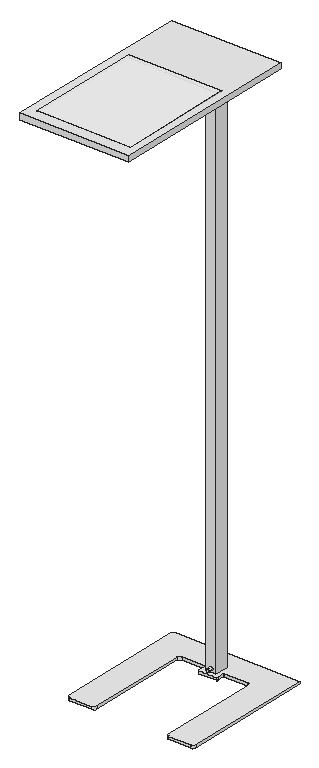
Revit family "0060803 Sylvania Lighting Fixture FREEOFFICE DIRECT INDIRECT 14KLM PIR GREY UK", category Lighting Fixtures, host Face, Revit 2016
Family settings
  Host = Face
  Part Type = Normal
  Round Connector Dimension = Use Diameter
  OmniClass Number = 23.80.70.11.17
  OmniClass Title = Specialized Lighting by Location or Use
  Cut with Voids When Loaded = No
  Light Source = Yes
  Shared = No
  Room Calculation Point = No
Parameters (values of type "0060803 FREEOFFICE D/I 14 PIR GREY UK")
  Weight = "22.8 kg"
  Wattage = 107 W
  WarrantyStartDate [instance] = "n/a"
  WarrantyGuarantorParts = "n/a"
  WarrantyDurationUnit = "n/a"
  WarrantyDurationParts = "n/a"
  WarrantyDescription = "n/a"
  built-in parameter 1150110 = 1 (stored number, unit not read)
  Voltage = 230 V
  TypeName = "FREEOFFICE DIRECT/INDIRECT 14KLM PIR GREY UK"
  built-in parameter 1114217 = 1 (stored number, unit not read)
  Tilt Angle = -90°
  built-in parameter 1150109 = 1 (stored number, unit not read)
  built-in parameter 1150134 = 12
  built-in parameter 1150113 = 1 (stored number, unit not read)
  SerialNumber [instance] = "n/a"
  Radius_FEILO = 165.0 mm
  URL = "http://www.sylvania-lighting.com"
  PowerFactor = 0.98
  PowerConsumption = "107 W"
  Photometric Web File = "0060803.ies"
  PIR_SYL = yes
  NominalWidth = 0.0 mm
  NominalLength = 690.0 mm
  NominalHeight = 2030.0 mm
  Name = "FREEOFFICE DIRECT/INDIRECT 14KLM PIR GREY UK"
  ModelReference = "FREEOFFICE DIRECT/INDIRECT 14KLM PIR GREY UK"
  ModelNumber = "0060803"
  Material_3_SYL = Body-Sylvania-FreeOffice-BLK
  Material_2_SYL = Polycarbonate_Sylvania_Sylcircle_Opal
  Material_1_SYL = Body-Sylvania-FreeOffice-GR
  Material = "head and pole : powder coated aluminium. stand: powder coated steel housing, pmma diffuser"
  ManufacturerName = "Feilo Sylvania"
  LuminousEfficacy = "132 lm/W"
  built-in parameter 1150105 = 4275.8 (stored number, unit not read)
  Lumens = 14124 lm
  LuminaireType = ""
  built-in parameter 1150115 = 1 (stored number, unit not read)
  LightOutputRatio = "n/a"
  built-in parameter 1150137 = (empty or 0)
  built-in parameter 1150139 = (empty or 0)
  LampsType = Lamp  # "LED"
  LampNominalLuminous = "14100 lm"
  LampMacAdamStep = "3"
  LampColourTemperature = "4000 K"
  LampColourRenderingIndex = "80"
  built-in parameter 1150112 = 1 (stored number, unit not read)
  built-in parameter 1150114 = 1 (stored number, unit not read)
  Keynote = "16500"
  InstallationDate [instance] = "n/a"
  InputVoltage = "220-240V~"
  InputNominalFrequency = "50/60 Hz"
  built-in parameter 1150132 = (empty or 0)
  built-in parameter 1150102 = (empty or 0)
  built-in parameter 1150107 = 4000 (stored number, unit not read)
  built-in parameter 1150138 = (empty or 0)
  IngressProtection = "IP20"
  ImpactProtectionIndex = "IK02"
  built-in parameter 1150106 = 42.758 (stored number, unit not read)
  IfcExportType = "IfcLightFixtureType"
  IfcExportAs = "IfcLightFixtureType"
  Height_FEILO = 96.0 mm
  ExpectedLife = 50000
  Emit from Rectangle Width = 340.1 mm
  Emit from Rectangle Length = 564.6 mm
  Emit Shape Visible in Rendering = no
  ElectricShockClassification = "Class I"
  built-in parameter 1150104 = 12.263 (stored number, unit not read)
  DurationUnit = "hours"
  DocumentationLiterature = "http://www.sylvania-lighting.com/product/en-int/products/0060803"
  DimmingControlOptions = "Dimmable"
  Dimming Lamp Color Temperature Shift = <None>
  Diameter_FEILO = 2 * Radius_FEILO  # 330.0 mm
  CreatedOn = "12/5/2018"
  CreatedBy = "@sylvania-lighting.com"
  Color Filter = 16777215
  built-in parameter 1114216 [instance] = 1 (stored number, unit not read)
  Model = "FREEOFFICE DIRECT/INDIRECT 14KLM PIR GREY UK"
  Manufacturer = "Feilo Sylvania"
  Lamp = "LED"
  Description = "FREEOFFICE DIRECT/INDIRECT 14KLM PIR GREY UK is a highly efficient free-standing floor lamp providing optimal illumination for single and twin workstations. 80% uplight and 20% downlight ratio for ambient and task lighting from a single luminaire. Microprismatic PMMA optics for advanced glare control. Grey RAL7035 powder coated luminaire body. Aluminium head and pole for high-quality appearance, steel stand for higher stability. Luminaire dimensions: Head: 690x397x25mm, Stand: 480x460x16mm, Pole: 55x35x2030mm. Operated and dimmed with a push button located in the pole at a height suitable to be used with adjustable height desks. Equipped with presence and daylight sensor. Up and downlight dims together. 4000K Neutral White LED, CRI>80, chromaticity tolerance: SDCM<3. Luminous flux: 14100lm. Power consumption 107W. Luminaire efficacy: 132lm/W. Lumen maintenance: L80B50=55000h. UGR<16, Luminance at 65°<3000 cd/m2. IK02, IP20. Photobiological safety risk group 0. Electrical protection: Class I. Glow wire test: 650°C. Supplied with 3m cable with BS 1363 plug."
  Default Elevation = 0.0 mm
  built-in parameter 1140040 [instance] = 1
  BarCode [instance] = "n/a"
  built-in parameter 1114218 = 1 (stored number, unit not read)
  built-in parameter 1150133 = 10 (stored number, unit not read)
  AssetType = "Fixed"
  AssetIdentifier [instance] = "n/a"
  Assembly Code = "D5020200"
  Apparent Load = 107 VA
Reference planes
  plane 1 "Center (Front/Back)": y = 0
  plane 2: z = 0
  plane 3 "Center (Left/Right)": x = 0
  plane 4: z = 2030
  plane 5: x = 230
  plane 6: x = -230
  plane 7: x = 18
  plane 8: x = -18
  plane 9: x = -198.5
  plane 10: x = 198.5
  plane 11: y = 25
  plane 12: y = -25
  plane 13: y = -390.174
  plane 14: y = 89.826
  plane 15: y = -645
  plane 16: y = 44
  plane 17: z = 9
  plane 18: z = 2010
  plane 19: y = -187.327
  plane 20: y = -603.8
  plane 21: x = -170.03
  plane 22: x = 170.03
  plane 23: y = -39.174
  plane 24: z = 2020
  plane 25: x = 130
  plane 26: x = -130
  plane 27: y = -10.174
  plane 28: x = 34
  plane 29: x = -34
  plane 30: y = -39.174
  plane 31: y = -321.487
  plane 32: z = 21
  plane 33: y = -624.4
  plane 34: z = 2009
Forms (mm)
  Extrusion 1, solid, material "Body-Sylvania-FreeOffice-GR" <- "Material_1_SYL"
    sketch origin (-1380.213, -4572, 2010) x (-1, 0, 0) y (0, -1, 0)
      loop
        line (-1181.713, -3927) -> (-1578.713, -3927) -> (-1578.713, -4616) -> (-1181.713, -4616) -> (-1181.713, -3927)
    from 0 to 20
  Extrusion 2, void
    sketch origin (-1380.213, -4572, 2030) x (0, -1, 0) y (-1, 0, 0)
      loop
        line (-4384.673, -1210.183) -> (-4384.673, -1550.243) -> (-3968.2, -1550.243) -> (-3968.2, -1210.183) -> (-4384.673, -1210.183)
    from 0 to 20
  Extrusion 3, void
    sketch origin (-1380.213, -4572, 2010) x (0, -1, 0) y (-1, 0, 0)
      loop
        line (-3968.2, -1210.183) -> (-4532.826, -1210.183) -> (-4532.826, -1550.243) -> (-3968.2, -1550.243) -> (-3968.2, -1210.183)
    from 0 to -10
  Extrusion 4, solid, material "Body-Sylvania-FreeOffice-GR" <- "Material_1_SYL"
    sketch origin (0, 0, 0) x (1, 0, 0) y (0, 1, 0)
      loop
        line (-230, 79.826) -> (-230, -380.174)
        arc (-230, -380.174) -> (-227.071, -387.245) -> (-220, -390.174) r 10
        line (-220, -390.174) -> (-140, -390.174)
        arc (-140, -390.174) -> (-132.929, -387.245) -> (-130, -380.174) r 10
        line (-130, -380.174) -> (-130, -20.174)
        arc (-130, -20.174) -> (-127.071, -13.103) -> (-120, -10.174) r 10
        line (-120, -10.174) -> (-36, -10.174)
        arc (-36, -10.174) -> (-34.586, -10.76) -> (-34, -12.174) r 2
        line (-34, -12.174) -> (-34, -37.174)
        arc (-34, -37.174) -> (-33.414, -38.588) -> (-32, -39.174) r 2
        line (-32, -39.174) -> (32, -39.174)
        arc (32, -39.174) -> (33.414, -38.588) -> (34, -37.174) r 2
        line (34, -37.174) -> (34, -12.174)
        arc (34, -12.174) -> (34.586, -10.76) -> (36, -10.174) r 2
        line (36, -10.174) -> (120, -10.174)
        arc (120, -10.174) -> (127.071, -13.103) -> (130, -20.174) r 10
        line (130, -20.174) -> (130, -380.174)
        arc (130, -380.174) -> (132.929, -387.245) -> (140, -390.174) r 10
        line (140, -390.174) -> (220, -390.174)
        arc (220, -390.174) -> (227.071, -387.245) -> (230, -380.174) r 10
        line (230, -380.174) -> (230, 89.826) -> (-220, 89.826)
        arc (-220, 89.826) -> (-227.071, 86.897) -> (-230, 79.826) r 10
    from 0 to 9
  Extrusion 5, solid, material "Body-Sylvania-FreeOffice-GR" <- "Material_1_SYL"
    sketch origin (645.563, -4597, 9) x (0, -1, 0) y (-1, 0, 0)
      loop
        line (-4622, 663.563) -> (-4622, 627.563) -> (-4572, 627.563) -> (-4572, 663.563) -> (-4622, 663.563)
    from 0 to -2001
  Extrusion 6, solid, material "Body-Sylvania-FreeOffice-GR" <- "Material_1_SYL"
    sketch origin (747.1, -25, 1219.2) x (1, 0, 0) y (0, 0, 1)
      loop
        circle (-747.1, -1198.2) r 5
    from 0 to 14.174
  Extrusion 7, solid, material "Polycarbonate_Sylvania_Sylcircle_Opal" <- "Material_2_SYL"
    sketch origin (-1380.213, -4572, 2030) x (-1, 0, 0) y (0, -1, 0)
      loop
        line (-1550.243, -3968.2) -> (-1550.243, -4384.673) -> (-1210.183, -4384.673) -> (-1210.183, -3968.2) -> (-1550.243, -3968.2)
    from 0 to -10
  Extrusion 8, solid, material "Polycarbonate_Sylvania_Sylcircle_Opal" <- "Material_2_SYL"
    sketch origin (-1380.213, -4572, 2010) x (-1, 0, 0) y (0, -1, 0)
      loop
        line (-1210.183, -4532.826) -> (-1210.183, -3968.2) -> (-1550.243, -3968.2) -> (-1550.243, -4532.826) -> (-1210.183, -4532.826)
    from 0 to 10
  Revolve 9, solid, material "Body-Sylvania-FreeOffice-BLK" <- "Material_3_SYL", visible <- "PIR_SYL"
    sketch origin (747.1, -624.4, 1219.2) x (1, 0, 0) y (0, 0, 1)
      loop
        line (-757.1, 789.8) -> (-754.426, 789.8)
        arc (-754.426, 789.8) -> (-751.007, 787.781) -> (-747.1, 787.079) r 11.221
        line (-747.1, 787.079) -> (-747.1, 790.8) -> (-757.1, 790.8) -> (-757.1, 789.8)
      axis (-747.1, 790.8) -> (-747.1, 787.079)
    angle from 0 to 360
Cuts and joins
  Extrusion 2, Extrusion 3 cuts Extrusion 1
Lines and regions (mm)
  reference lines
    curve 1: circle (0, 0, 21) r 5 normal (0, -1, 0)
    curve 2: circle (0, -624.4, 2010) r 10 normal (0, 0, 1)
Dimensions and locks
  equal spacing: plane 12, plane 1 "Center (Front/Back)", plane 11
  locked: plane 12 to plane 11 at 50
  equal spacing: plane 8, plane 3 "Center (Left/Right)", plane 7
  plane 8 to plane 7 = 36.0 mm
  equal spacing: plane 9, plane 3 "Center (Left/Right)", plane 10
  plane 9 to plane 10 = 397.0 mm
  equal spacing: plane 6, plane 3 "Center (Left/Right)", plane 5
  locked: plane 6 to plane 5 at 460
  locked: plane 4 to plane 2 at 2030
  locked: plane 13 to plane 1 "Center (Front/Back)" at 390.174
  locked: plane 13 to plane 14 at 480
  locked: plane 15 to plane 1 "Center (Front/Back)" at 645
  locked: plane 15 to plane 16 at 689
  locked: plane 17 to plane 2 at 9
  locked: plane 4 to plane 18 at 20
  locked: plane 19 to plane 1 "Center (Front/Back)" at 187.327
  locked: plane 20 to plane 19 at 416.473
  equal spacing: plane 21, plane 3 "Center (Left/Right)", plane 22
  plane 21 to plane 22 = 340.059 mm
  locked: plane 20 to plane 23 at 564.626
  equal spacing: plane 4, plane 24, plane 18
  equal spacing: plane 26, plane 3 "Center (Left/Right)", plane 25
  locked: plane 26 to plane 25 at 260
  locked: plane 27 to plane 14 at 100
  equal spacing: plane 29, plane 3 "Center (Left/Right)", plane 28
  locked: plane 29 to plane 28 at 68
  locked: plane 30 to plane 27 at 29
  equal spacing: plane 20, plane 31, plane 23
  locked: plane 32 to host face at 21
  equal spacing: plane 15, plane 33, plane 20
  locked: Revolve 9 sketch curve to plane 18 at 7.5
  locked: plane 18 to plane 34 at 1
  radius of curve 2 = 10.0 mm
  aligned and locked: plane 2 to host face
  aligned and locked: level to host face
  aligned and locked: plane 15 to Extrusion 1 sketch curve
  aligned and locked: Extrusion 1 sketch curve to plane 9
  aligned and locked: Extrusion 1 sketch curve to plane 16
  aligned and locked: plane 10 to Extrusion 1 sketch curve
  aligned and locked: plane 4 to Extrusion 1
  aligned and locked: Extrusion 1 to plane 18
  aligned and locked: Extrusion 2 sketch curve to plane 19
  aligned and locked: plane 20 to Extrusion 2 sketch curve
  aligned and locked: Extrusion 2 to plane 18
  aligned and locked: plane 4 to Extrusion 2
  aligned and locked: plane 21 to Extrusion 2 sketch curve
  aligned and locked: plane 22 to Extrusion 2 sketch curve
  aligned and locked: Extrusion 3 sketch curve to cut or joined group of Extrusion 1, Extrusion 2, Extrusion 3  (x2)
  aligned and locked: plane 23 to Extrusion 3 sketch curve
  aligned and locked: plane 22 to Extrusion 3 sketch curve
  aligned and locked: Extrusion 3 to plane 18
  aligned and locked: plane 24 to Extrusion 3
  aligned and locked: Extrusion 4 sketch curve to plane 14
  aligned and locked: Extrusion 4 sketch curve to plane 6
  aligned and locked: plane 13 to Extrusion 4 sketch curve  (x2)
  aligned and locked: Extrusion 4 sketch curve to plane 26
  aligned and locked: Extrusion 4 sketch curve to plane 25
  aligned and locked: plane 5 to Extrusion 4 sketch curve
  aligned and locked: plane 29 to Extrusion 4 sketch curve
  aligned and locked: plane 30 to Extrusion 4 sketch curve
  aligned and locked: Extrusion 4 sketch curve to plane 28
  aligned and locked: Extrusion 4 sketch curve to plane 27
  aligned and locked: Extrusion 4 to plane 17
  aligned and locked: Extrusion 4 to level
  aligned and locked: Extrusion 5 sketch curve to plane 8
  aligned and locked: plane 7 to Extrusion 5 sketch curve
  aligned and locked: plane 18 to Extrusion 5
  aligned and locked: plane 11 to Extrusion 5 sketch curve
  aligned and locked: Extrusion 5 sketch curve to plane 12
  aligned and locked: plane 24 to imposter light
  aligned and locked: imposter light to plane 3 "Center (Left/Right)"
  aligned and locked: imposter light to plane 31
  aligned and locked: Extrusion 6 sketch curve to curve 1
  aligned and locked: Extrusion 6 to plane 12
  aligned and locked: Extrusion 6 to cut or joined group of Extrusion 1, Extrusion 2, Extrusion 3
  aligned and locked: Extrusion 7 sketch curve to cut or joined group of Extrusion 1, Extrusion 2, Extrusion 3  (x4)
  aligned and locked: Extrusion 7 to plane 4
  aligned and locked: Extrusion 7 to cut or joined group of Extrusion 1, Extrusion 2, Extrusion 3
  aligned and locked: Extrusion 8 sketch curve to cut or joined group of Extrusion 1, Extrusion 2, Extrusion 3  (x4)
  aligned and locked: Extrusion 8 to cut or joined group of Extrusion 1, Extrusion 2, Extrusion 3
  aligned and locked: Extrusion 8 to plane 18
  aligned and locked: plane 3 "Center (Left/Right)" to curve 2
  aligned and locked: plane 33 to curve 2
  aligned and locked: plane 3 "Center (Left/Right)" to Revolve 9 sketch curve  (x2)
  aligned and locked: Revolve 9 sketch curve to plane 3 "Center (Left/Right)"
  aligned and locked: Revolve 9 sketch curve to plane 34
Automatic sketch dimensions
  host sketch curve to host sketch curve = 1305.563 mm
  host sketch curve to host sketch curve = 1283.632 mm
  plane 27 to Extrusion 4 sketch curve = 0.0 mm
  plane 6 to Extrusion 4 sketch curve = 10.0 mm  (x2)
  Extrusion 4 sketch curve to plane 13 = 10.0 mm
  Extrusion 4 sketch curve to plane 26 = 10.0 mm
  Extrusion 4 sketch curve to Extrusion 4 sketch curve = 2.0 mm
  plane 29 to Extrusion 4 sketch curve = 2.0 mm
  Extrusion 4 sketch curve to plane 28 = 2.0 mm
  plane 28 to Extrusion 4 sketch curve = 2.0 mm
  Extrusion 4 sketch curve to plane 25 = 10.0 mm
  Extrusion 4 sketch curve to Extrusion 4 sketch curve = 10.0 mm
  Extrusion 4 sketch curve to plane 5 = 10.0 mm
  curve 1 to plane 3 "Center (Left/Right)" = 0.0 mm
  curve 1 to plane 32 = 0.0 mm
  Revolve 9 sketch curve to plane 18 = 0.0 mm
  Revolve 9 sketch curve to plane 3 "Center (Left/Right)" = 7.326 mm
  Revolve 9 sketch curve to Revolve 9 sketch curve = 2.674 mm
  Revolve 9 sketch curve to level = 94.652 mm
  plane 4 to Revolve 9 sketch curve = 432.257 mm
  radius of curve 1 = 5.0 mm
Connectors
  electrical at (0, -39.174, 21), driven by "PowerFactor", driven by "Voltage", driven by "Apparent Load", driven by "Apparent Load"
    settings: on Extrusion 6, index 1, voltage 230 V, apparent load 107 VA, apparent load phase1 107 VA, apparent load phase2 0 VA, apparent load phase3 0 VA, power factor 0.98, load classification "Other", number of poles 1, system type 30, power factor state 1, is connector primary yes, connector utility no, sub classification motor no, connector description ""
